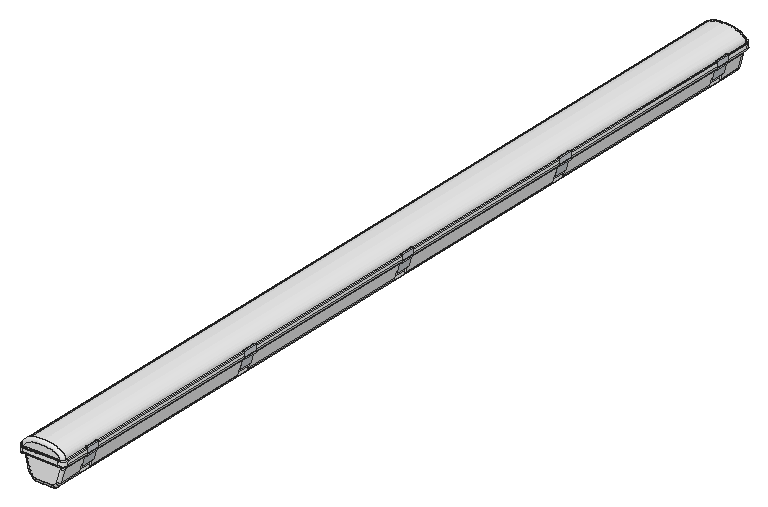
Revit family "0068042", category Lighting Fixtures, host Face, Revit 2017
Family settings
  Host = Face
  Round Connector Dimension = Use Diameter
  Part Type = Normal
  OmniClass Number = 23.80.70.11.14
  OmniClass Title = General Luminaries, Directional
  Cut with Voids When Loaded = No
  Light Source = Yes
  Shared = No
  Room Calculation Point = No
Parameters (values of type "0068042 ST WTRPRF S 1500 IP65 4000LM 840 SSC")
  Width = 84 mm
  Weight = "kg"
  Wattage Comments = "n/a"
  Wattage = 35 W
  WarrantyStartDate [instance] = "n/a"
  WarrantyGuarantorParts = "n/a"
  WarrantyDurationUnit = "n/a"
  WarrantyDurationParts = "n/a"
  WarrantyDescription = "n/a"
  built-in parameter 1150110 = 1 (stored number, unit not read)
  Voltage = 220 V
  URL = "http://www.sylvania-lighting.com"
  TypeName = "START Waterproof Single 1500 IP65 4000lm 840 SSC"
  Type Image = <None>
  Type Comments = "n/a"
  built-in parameter 1114217 = 1 (stored number, unit not read)
  Tilt Angle = -90.00°
  built-in parameter 1150109 = 1 (stored number, unit not read)
  built-in parameter 1150134 = 12
  built-in parameter 1150113 = 1 (stored number, unit not read)
  SerialNumber [instance] = "n/a"
  ReflectorMaterial = none
  PowerFactor = 0
  PowerConsumption = "35 W"
  Photometric Web File = "0068042.ies"
  NominalWidth = 0 mm
  NominalLength = 1578 mm
  NominalHeight = 75 mm
  Name = "START Waterproof Single 1500 IP65 4000lm 840 SSC"
  ModelReference = "START Waterproof Single 1500 IP65 4000lm 840 SSC"
  ModelNumber = "0068042"
  Model = "START Waterproof Single 1500 IP65 4000lm 840 SSC"
  Material = "pc polycarbonate housing, pc polycarbonate diffuser"
  ManufacturerName = "Feilo Sylvania"
  Manufacturer = "Feilo Sylvania"
  LuminousEfficacy = "114 lm/W"
  built-in parameter 1150105 = 317.51 (stored number, unit not read)
  Lumens = 3990 lm
  LuminaireType = ""
  built-in parameter 1150115 = 1 (stored number, unit not read)
  LightOutputRatio = "n/a"
  built-in parameter 1150137 = (empty or 0)
  built-in parameter 1150139 = (empty or 0)
  Length = 1572 mm
  LampsType = Lamp  # "LED"
  LampNominalLuminous = "4000 lm"
  LampMacAdamStep = "5"
  LampColourTemperature = "4000 K"
  LampColourRenderingIndex = "80"
  built-in parameter 1150112 = 1 (stored number, unit not read)
  built-in parameter 1150114 = 1 (stored number, unit not read)
  Lamp = "LED"
  Keynote = "16500"
  InstallationDate [instance] = "n/a"
  InputVoltage = "220-240 V AC"
  InputNominalFrequency = "50/60 Hz"
  built-in parameter 1150132 = (empty or 0)
  built-in parameter 1150102 = (empty or 0)
  built-in parameter 1150107 = 4000 (stored number, unit not read)
  built-in parameter 1150138 = (empty or 0)
  IngressProtection = "IP65"
  ImpactProtectionIndex = "IK08"
  built-in parameter 1150106 = 3.1751 (stored number, unit not read)
  IfcExportType = "IfcLightFixtureType"
  IfcExportAs = "IfcLightFixtureType"
  ExpectedLife = 50000
  Emit from Rectangle Width = Width - 20 mm  # 64 mm
  Emit from Rectangle Length = Length - 20 mm  # 1552 mm
  Emit Shape Visible in Rendering = no
  ElectricShockClassification = "Class I"
  built-in parameter 1150104 = 10.591 (stored number, unit not read)
  DurationUnit = "hours"
  DocumentationLiterature = "http://www.sylvania-lighting.com/product/en-int/products/0068042"
  DimmingControlOptions = "n/a"
  Dimming Lamp Color Temperature Shift = <None>
  DiffuserMaterial = Diffuser-Sylvania-Transparent
  Description = ""
  Default Elevation = 1219.2 mm
  CreatedOn = "7/30/2019"
  CreatedBy = "@sylvania-lighting.com"
  Cost = 0
  Color Filter = 16777215
  built-in parameter 1114216 [instance] = (empty or 0)
  ClassificationValue = "EF_70_80"
  ClassificationName = "Uniclass2015"
  BodyMaterial = Body-Sylvania-Gray
  BarCode [instance] = "n/a"
  built-in parameter 1114218 = 1 (stored number, unit not read)
  built-in parameter 1150133 = 10 (stored number, unit not read)
  AssetType = "Fixed"
  AssetIdentifier [instance] = "n/a"
  Assembly Code = "D5020200"
  Apparent Load = 35 VA
  AccessoryMaterial = Diffuser-Sylvania-Glow
Reference planes
  plane 1 "Center (Front/Back)": y = 0
  plane 2: z = 0
  plane 3 "Center (Left/Right)": x = 0
  plane 4: z = 54
  plane 5: x = -14.7
  plane 6: x = -21.8
  plane 7: x = -26.6
  plane 8: x = -29.2
  plane 9: z = 3
  plane 10: z = 7.8
  plane 11: z = 12.3
  plane 12: z = 36.6
  plane 13: z = 42.8
  plane 14: x = -38.1
  plane 15: z = 46.2
  plane 16: x = -42
  plane 17: y = 786
  plane 18: y = -786
  plane 19: x = 14.7
  plane 20: x = 21.8
  plane 21: x = 26.6
  plane 22: x = 29.2
  plane 23: x = 38.1
  plane 24: x = 42
  plane 25: y = 778.4
  plane 26: y = -778.4
  plane 27: y = -774.7
  plane 28: y = 774.7
  plane 29: z = 74
  plane 30: x = -38.5
  plane 31: x = 38.5
  plane 32: z = 55.2
  plane 33: y = -782.5
  plane 34: y = 782.5
  plane 35: x = -24.5
  plane 36: x = 24.5
  plane 37: x = -35.7
  plane 38: x = 35.7
  plane 39: z = 50.2
  plane 40: z = 24.6
  plane 41: y = -720
  plane 42: y = -734
  plane 43: y = -706
  plane 44: y = 720
  plane 45: y = -720
  plane 46: y = -734
  plane 47: y = -706
  plane 48: y = 720
  plane 49: y = 706
  plane 50: y = 734
  plane 51: y = -360
  plane 52: y = -374
  plane 53: y = -346
  plane 54: y = 0
  plane 55: y = -14
  plane 56: y = 14
  plane 57: y = 360
  plane 58: y = 346
  plane 59: y = 374
Forms (mm)
  Sweep 1, solid, material "Body-Sylvania-Gray" <- "BodyMaterial", detail levels medium+fine
    path origin (1223.4, -4572, 54) x (0, -1, 0) y (1, 0, 0)
      loop
        arc (-3796, -1265.4) -> (-3788.929, -1262.471) -> (-3786, -1255.4) r 10
        line (-3786, -1255.4) -> (-3786, -1191.4)
        arc (-3786, -1191.4) -> (-3788.929, -1184.329) -> (-3796, -1181.4) r 10
        line (-3796, -1181.4) -> (-5348, -1181.4)
        arc (-5348, -1181.4) -> (-5355.071, -1184.329) -> (-5358, -1191.4) r 10
        line (-5358, -1191.4) -> (-5358, -1255.4)
        arc (-5358, -1255.4) -> (-5355.071, -1262.471) -> (-5348, -1265.4) r 10
        line (-5348, -1265.4) -> (-3796, -1265.4)
    profile origin (-42, 0, 54) x (-1, 0, 0) y (0, 0, 1)
      loop
        line (0, 0) -> (-1, 0) -> (-1, -7.726)
        arc (-1, -7.726) -> (-1.994, -9.498) -> (-3.9, -10.2) r 2.937
        line (-3.9, -10.2) -> (-8.571, -10.2) -> (-8.571, -11.2) -> (-3.9, -11.2)
        arc (-3.9, -11.2) -> (-1.313, -10.231) -> (0, -7.8) r 3.937
        line (0, -7.8) -> (0, 0)
  Sweep 2, solid, material "Body-Sylvania-Gray" <- "BodyMaterial", detail levels medium+fine
    path origin (0, 0, 0) x (1, 0, 0) y (0, 0, 1)
      loop
        line (35.7, 42.8) -> (35.7, 36.6) -> (29.203, 12.31)
        arc (29.203, 12.31) -> (28.199, 9.884) -> (26.6, 7.8) r 10.052
        line (26.6, 7.8) -> (21.8, 3)
        arc (21.8, 3) -> (18.554, 0.781) -> (14.7, 0) r 9.902
        line (14.7, 0) -> (0, 0) -> (-14.7, 0)
        arc (-14.7, 0) -> (-18.554, 0.781) -> (-21.8, 3) r 9.902
        line (-21.8, 3) -> (-26.6, 7.8)
        arc (-26.6, 7.8) -> (-28.199, 9.884) -> (-29.203, 12.31) r 10.052
        line (-29.203, 12.31) -> (-35.7, 36.6) -> (-35.7, 42.8)
    profile origin (0, 0, 0) x (0, 0, -1) y (0, -1, 0)
      loop
        arc (0, 773.4) -> (-1.464, 776.936) -> (-5, 778.4) r 5
        line (-5, 778.4) -> (-7.8, 778.4) -> (-7.8, -778.4) -> (-5, -778.4)
        arc (-5, -778.4) -> (-1.464, -776.936) -> (0, -773.4) r 5
        line (0, -773.4) -> (0, 773.4)
  Extrusion 3, solid, material "Body-Sylvania-Gray" <- "BodyMaterial", detail levels medium+fine
    sketch origin (1524, 778.4, 1219.2) x (1, 0, 0) y (0, 0, 1)
      loop
        arc (-1545.668, -1204.874) -> (-1545.443, -1205.418) -> (-1545.085, -1205.885) r 2.252
        line (-1545.085, -1205.885) -> (-1540.231, -1210.738)
        arc (-1540.231, -1210.738) -> (-1539.534, -1211.227) -> (-1538.7, -1211.4) r 2.102
        line (-1538.7, -1211.4) -> (-1509.3, -1211.4)
        arc (-1509.3, -1211.4) -> (-1508.466, -1211.227) -> (-1507.769, -1210.738) r 2.102
        line (-1507.769, -1210.738) -> (-1502.915, -1205.885)
        arc (-1502.915, -1205.885) -> (-1502.557, -1205.418) -> (-1502.332, -1204.874) r 2.252
        line (-1502.332, -1204.874) -> (-1496.1, -1181.575) -> (-1496.1, -1176.4) -> (-1551.9, -1176.4) -> (-1551.9, -1181.575) -> (-1545.668, -1204.874)
    from 0 to 1556.8
  Sweep 4, solid, material "Diffuser-Sylvania-Transparent" <- "DiffuserMaterial", detail levels medium+fine
    path origin (0, 0, 0) x (1, 0, 0) y (0, 0, 1)
      loop
        spline (-38.5, 55.2) -> (-37.188, 60.066) -> (-33.342, 64.6) -> (-27.224, 68.494) -> (-19.25, 71.481) -> (-9.965, 73.359) -> (0, 74) -> (9.965, 73.359) -> (19.25, 71.481) -> (27.224, 68.494) -> (33.342, 64.6) -> (37.188, 60.066) -> (38.5, 55.2)
    profile origin (38.5, 0, 55.2) x (0, -1, 0) y (1, 0, 0)
      loop
        arc (782.5, -5.5) -> (780.889, -1.611) -> (777, 0) r 5.5
        line (777, 0) -> (-777, 0)
        arc (-777, 0) -> (-780.889, -1.611) -> (-782.5, -5.5) r 5.5
        line (-782.5, -5.5) -> (-782.5, -6.3) -> (-781.5, -6.3) -> (-781.5, -5.5)
        arc (-781.5, -5.5) -> (-780.182, -2.318) -> (-777, -1) r 4.5
        line (-777, -1) -> (777, -1)
        arc (777, -1) -> (780.182, -2.318) -> (781.5, -5.5) r 4.5
        line (781.5, -5.5) -> (781.5, -6.347) -> (782.5, -6.347) -> (782.5, -5.5)
  Extrusion 5, solid, material "Diffuser-Sylvania-Transparent" <- "DiffuserMaterial", detail levels medium+fine
    sketch origin (1524, -782.5, 1219.2) x (1, 0, 0) y (0, 0, 1)
      loop
        line (-1556.653, -1164) -> (-1491.347, -1164)
        spline (-1491.347, -1164) -> (-1491.939, -1161.945) -> (-1494.434, -1159.066) -> (-1499.342, -1155.96) -> (-1506.338, -1153.35) -> (-1514.799, -1151.648) -> (-1524, -1151.047) -> (-1533.201, -1151.648) -> (-1541.662, -1153.35) -> (-1548.658, -1155.96) -> (-1553.566, -1159.066) -> (-1556.061, -1161.945) -> (-1556.653, -1164)
    from 0 to -1
  Extrusion 6, solid, material "Diffuser-Sylvania-Transparent" <- "DiffuserMaterial", detail levels medium+fine
    sketch origin (1524, 782.5, 1219.2) x (1, 0, 0) y (0, 0, 1)
      loop
        spline (-1491.3, -1164) -> (-1491.898, -1161.922) -> (-1494.404, -1159.03) -> (-1499.322, -1155.918) -> (-1506.325, -1153.305) -> (-1514.793, -1151.602) -> (-1524, -1151) -> (-1533.207, -1151.602) -> (-1541.675, -1153.305) -> (-1548.678, -1155.918) -> (-1553.596, -1159.03) -> (-1556.102, -1161.922) -> (-1556.7, -1164)
        line (-1556.7, -1164) -> (-1491.3, -1164)
    from 0 to 1
  Extrusion 7, solid, material "Diffuser-Sylvania-Glow" <- "AccessoryMaterial", detail levels fine
    sketch origin (0, 0, 0) x (1, 0, 0) y (0, 0, 1)
      loop
        circle (0, 50.2) r 8
    from -774.7 to 774.7
  Extrusion 8, void
    sketch origin (0, -720, 2343.807) x (0, 0, -1) y (-1, 0, 0)
      loop
        line (2340.807, -24.5) -> (2331.507, -24.5) -> (2319.207, -29.2) -> (2319.207, -35.7) -> (2340.807, -35.7) -> (2340.807, -24.5)
      loop
        line (2340.807, 24.5) -> (2340.807, 35.7) -> (2319.207, 35.7) -> (2319.207, 29.2) -> (2331.507, 24.5) -> (2340.807, 24.5)
    from 14 to -14
  Extrusion 9, void, not visible
    sketch origin (0, -720, 2343.807) x (0, 0, -1) y (-1, 0, 0)
      loop
        line (2340.807, -24.5) -> (2331.507, -24.5) -> (2319.207, -29.2) -> (2319.207, -35.7) -> (2340.807, -35.7) -> (2340.807, -24.5)
      loop
        line (2340.807, 24.5) -> (2340.807, 35.7) -> (2319.207, 35.7) -> (2319.207, 29.2) -> (2331.507, 24.5) -> (2340.807, 24.5)
    from 14 to -14
  Extrusion 10, void
    sketch origin (0, 720, 2343.807) x (0, 0, -1) y (-1, 0, 0)
      loop
        line (2340.807, -24.5) -> (2331.507, -24.5) -> (2319.207, -29.2) -> (2319.207, -35.7) -> (2340.807, -35.7) -> (2340.807, -24.5)
      loop
        line (2340.807, 24.5) -> (2340.807, 35.7) -> (2319.207, 35.7) -> (2319.207, 29.2) -> (2331.507, 24.5) -> (2340.807, 24.5)
    from 14 to -14
  Extrusion 11, void
    sketch origin (0, -360, 2343.807) x (0, 0, -1) y (-1, 0, 0)
      loop
        line (2340.807, -24.5) -> (2331.507, -24.5) -> (2319.207, -29.2) -> (2319.207, -35.7) -> (2340.807, -35.7) -> (2340.807, -24.5)
      loop
        line (2340.807, 24.5) -> (2340.807, 35.7) -> (2319.207, 35.7) -> (2319.207, 29.2) -> (2331.507, 24.5) -> (2340.807, 24.5)
    from 14 to -14
  Extrusion 12, void
    sketch origin (0, 0, 2343.807) x (0, 0, -1) y (-1, 0, 0)
      loop
        line (2340.807, -24.5) -> (2331.507, -24.5) -> (2319.207, -29.2) -> (2319.207, -35.7) -> (2340.807, -35.7) -> (2340.807, -24.5)
      loop
        line (2340.807, 24.5) -> (2340.807, 35.7) -> (2319.207, 35.7) -> (2319.207, 29.2) -> (2331.507, 24.5) -> (2340.807, 24.5)
    from 14 to -14
  Extrusion 13, void
    sketch origin (0, 360, 2343.807) x (0, 0, -1) y (-1, 0, 0)
      loop
        line (2340.807, -24.5) -> (2331.507, -24.5) -> (2319.207, -29.2) -> (2319.207, -35.7) -> (2340.807, -35.7) -> (2340.807, -24.5)
      loop
        line (2340.807, 24.5) -> (2340.807, 35.7) -> (2319.207, 35.7) -> (2319.207, 29.2) -> (2331.507, 24.5) -> (2340.807, 24.5)
    from 14 to -14
  Extrusion 14, solid, material "Diffuser-Sylvania-Transparent" <- "DiffuserMaterial", detail levels medium+fine
    sketch origin (1223.4, -4572, 54) x (0, -1, 0) y (-1, 0, 0)
      loop
        arc (-5348, 1265.4) -> (-5355.071, 1262.471) -> (-5358, 1255.4) r 10
        line (-5358, 1255.4) -> (-5358, 1191.4)
        arc (-5358, 1191.4) -> (-5355.071, 1184.329) -> (-5348, 1181.4) r 10
        line (-5348, 1181.4) -> (-3796, 1181.4)
        arc (-3796, 1181.4) -> (-3788.929, 1184.329) -> (-3786, 1191.4) r 10
        line (-3786, 1191.4) -> (-3786, 1255.4)
        arc (-3786, 1255.4) -> (-3788.929, 1262.471) -> (-3796, 1265.4) r 10
        line (-3796, 1265.4) -> (-5348, 1265.4)
      loop
        arc (-5354.5, 1190.394) -> (-5352.887, 1186.509) -> (-5349, 1184.9) r 5.5
        line (-5349, 1184.9) -> (-3795, 1184.9)
        arc (-3795, 1184.9) -> (-3791.113, 1186.509) -> (-3789.5, 1190.394) r 5.5
        line (-3789.5, 1190.394) -> (-3789.5, 1256.406)
        arc (-3789.5, 1256.406) -> (-3791.113, 1260.291) -> (-3795, 1261.9) r 5.5
        line (-3795, 1261.9) -> (-5349, 1261.9)
        arc (-5349, 1261.9) -> (-5352.887, 1260.291) -> (-5354.5, 1256.406) r 5.5
        line (-5354.5, 1256.406) -> (-5354.5, 1190.394)
    from 0 to -1.2
  Extrusion 15, solid, material "Body-Sylvania-Gray" <- "BodyMaterial", detail levels coarse
    sketch origin (0, 0, 0) x (1, 0, 0) y (0, 0, 1)
      loop
        line (-42, 55.2) -> (-42, 42.8) -> (-26.6, 0) -> (26.6, 0) -> (42, 42.8) -> (42, 55.2) -> (-42, 55.2)
    from -786 to 786
  Extrusion 16, solid, material "Diffuser-Sylvania-Transparent" <- "DiffuserMaterial", detail levels coarse
    sketch origin (0, 0, 0) x (1, 0, 0) y (0, 0, 1)
      loop
        line (-38.5, 55.2) -> (38.5, 55.2)
        arc (38.5, 55.2) -> (0, 74) -> (-38.5, 55.2) r 48.822
    from -778.4 to 778.4
Cuts and joins
  Extrusion 8, Extrusion 10, Extrusion 11, Extrusion 12, Extrusion 13 cuts Sweep 2
  Extrusion 8, Extrusion 10, Extrusion 11, Extrusion 12, Extrusion 13 cuts Extrusion 3
  joined: Sweep 2, Extrusion 3
  joined: Sweep 4, Extrusion 5, Extrusion 6, Extrusion 14
Dimensions and locks
  locked: plane 4 to plane 2 at 54
  plane 5 to plane 6 to plane 7 to plane 8 to plane 14 to plane 16 = 7.1 mm locked, 4.8 mm locked, 2.6 mm locked, 8.9 mm locked, 3.9 mm locked
  plane 4 to plane 15 to plane 13 to plane 12 to plane 11 to plane 10 to plane 9 = 7.8 mm locked, 3.4 mm, 6.2 mm locked, 24.3 mm locked, 4.5 mm locked, 4.8 mm locked
  equal spacing: plane 18, plane 1 "Center (Front/Back)", plane 17
  "Length": plane 18 to plane 17
  plane 19 to plane 20 to plane 21 to plane 22 to plane 23 to plane 24 = 7.1 mm locked, 4.8 mm locked, 2.6 mm locked, 8.9 mm, 3.9 mm
  equal spacing: plane 24, plane 3 "Center (Left/Right)", plane 16
  "Width": plane 24 to plane 16
  equal spacing: plane 27, plane 1 "Center (Front/Back)", plane 28
  locked: plane 26 to plane 27 at 3.7
  locked: Sweep 1 sketch curve to profile plane at 1
  locked: Sweep 1 sketch curve to plane 13 at 1
  locked: Sweep 1 sketch curve to plane 13 at 3.937  (x2)
  locked: Sweep 1 sketch curve to profile plane at 3.9  (x2)
  plane 29 to plane 4 = 20 mm
  equal spacing: plane 31, plane 3 "Center (Left/Right)", plane 30
  locked: plane 30 to plane 16 at 3.5
  locked: plane 32 to plane 4 at 1.2
  equal spacing: plane 33, plane 1 "Center (Front/Back)", plane 34
  equal spacing: plane 36, plane 3 "Center (Left/Right)", plane 35
  locked: plane 34 to plane 17 at 3.5
  equal spacing: plane 38, plane 3 "Center (Left/Right)", plane 37
  locked: plane 37 to plane 16 at 6.3
  equal spacing: plane 25, plane 1 "Center (Front/Back)", plane 26
  locked: plane 17 to plane 25 at 7.6
  locked: Sweep 2 sketch curve to plane 2 at 5  (x2)
  locked: Sweep 2 sketch curve to plane 26 at 5
  locked: plane 25 to Sweep 2 sketch curve at 5
  locked: Sweep 4 sketch curve to plane 31 at 5.5  (x2)
  locked: Sweep 4 sketch curve to plane 34 at 5.5
  plane 33 to Sweep 4 sketch curve = 5.5 mm
  locked: plane 34 to Sweep 4 sketch curve at 1
  locked: Sweep 4 sketch curve to plane 31 at 1
  locked: Sweep 4 sketch curve to Sweep 4 sketch curve at 1
  locked: Sweep 4 sketch curve to plane 31 at 6.347
  locked: Sweep 4 sketch curve to plane 31 at 6.3
  locked: plane 40 to plane 2 at 24.6
  locked: plane 6 to plane 35 at 2.7
  locked: plane 1 "Center (Front/Back)" to plane 41 at 720
  plane 43 to plane 41 to plane 42 = 14 mm locked, 14 mm locked
  locked: plane 44 to plane 1 "Center (Front/Back)" at 720
  plane 47 to plane 45 to plane 46 = 14 mm locked, 14 mm locked
  plane 50 to plane 48 to plane 49 = 14 mm locked, 14 mm locked  (x2)
  equal spacing: group 1, group 6, group 7, group 8, group 5  (x3)
  plane 53 to plane 51 to plane 52 = 14 mm locked, 14 mm locked  (x2)
  plane 56 to plane 54 to plane 55 = 14 mm locked, 14 mm locked  (x2)
  plane 59 to plane 57 to plane 58 = 14 mm locked, 14 mm locked  (x2)
  plane 48 to plane 57 to plane 1 "Center (Front/Back)" to plane 51 to plane 41 = 360 mm locked, 360 mm locked, 360 mm locked, 360 mm locked
  aligned and locked: plane 2 to host face
  aligned and locked: level to host face
  aligned and locked: plane 16 to Sweep 1 sketch curve
  aligned and locked: Sweep 1 sketch curve to plane 24
  aligned and locked: plane 18 to Sweep 1 sketch curve
  aligned and locked: Sweep 1 sketch curve to plane 13
  aligned and locked: profile plane to Sweep 1 sketch curve
  aligned and locked: plane 3 "Center (Left/Right)" to Sweep 2 sketch curve
  aligned and locked: plane 9 to Sweep 2 sketch curve
  aligned and locked: plane 10 to Sweep 2 sketch curve
  aligned and locked: plane 37 to Sweep 2 sketch curve
  aligned and locked: plane 12 to Sweep 2 sketch curve
  aligned and locked: Sweep 2 sketch curve to level
  aligned and locked: plane 21 to Sweep 2 sketch curve
  aligned and locked: plane 38 to Sweep 2 sketch curve
  aligned and locked: profile plane to Sweep 2 sketch curve
  aligned and locked: plane 25 to Sweep 2 sketch curve
  aligned and locked: Sweep 2 sketch curve to plane 10
  aligned and locked: Extrusion 3 sketch curve to Sweep 2  (x7)
  aligned and locked: Sweep 2 to Extrusion 3 sketch curve
  aligned and locked: Extrusion 3 to plane 25
  aligned and locked: plane 26 to Extrusion 3
  aligned and locked: plane 32 to Sweep 4 sketch curve
  aligned and locked: plane 33 to Sweep 4 sketch curve
  aligned and locked: Sweep 4 to Extrusion 5
  aligned and locked: plane 33 to Extrusion 5
  aligned and locked: plane 39 to Extrusion 7 sketch curve
  aligned and locked: plane 27 to Extrusion 7
  aligned and locked: Extrusion 7 to plane 28
  aligned and locked: Extrusion 6 sketch curve to Sweep 4
  aligned and locked: Extrusion 5 sketch curve to Sweep 4
  aligned and locked: Extrusion 8 to plane 43
  aligned and locked: plane 42 to Extrusion 8
  aligned and locked: Extrusion 10 to plane 50
  aligned and locked: plane 49 to Extrusion 10
  aligned and locked: Extrusion 11 to plane 53
  aligned and locked: plane 52 to Extrusion 11
  aligned and locked: Extrusion 12 to plane 56
  aligned and locked: plane 55 to Extrusion 12
  aligned and locked: Extrusion 13 to plane 59
  aligned and locked: plane 58 to Extrusion 13
  aligned and locked: plane 3 "Center (Left/Right)" to Extrusion 7 sketch curve
  aligned and locked: Extrusion 14 sketch curve to Sweep 1  (x4)
  aligned and locked: Extrusion 14 to plane 32
  aligned and locked: plane 4 to Extrusion 14
  aligned and locked: plane 48 to nested 1
  aligned and locked: plane 57 to nested 2
  aligned and locked: plane 54 to nested 3
  aligned and locked: nested 4 to plane 51
  aligned and locked: nested 5 to plane 41
  aligned and locked: plane 41 to nested 10
  aligned and locked: plane 51 to nested 9
  aligned and locked: plane 54 to nested 8
  aligned and locked: plane 57 to nested 7
  aligned and locked: plane 48 to nested 6
  aligned and locked: plane 1 "Center (Front/Back)" to imposter light
  aligned and locked: plane 3 "Center (Left/Right)" to imposter light
  aligned and locked: imposter light to plane 29
  aligned and locked: plane 7 to Extrusion 15 sketch curve
  aligned and locked: plane 2 to Extrusion 15 sketch curve
  aligned and locked: Extrusion 15 sketch curve to nested 6
  aligned and locked: Extrusion 15 sketch curve to nested 1
  aligned and locked: plane 18 to Extrusion 15
  aligned and locked: Extrusion 15 to plane 17
  aligned and locked: Extrusion 15 to Sweep 1  (x2)
  aligned and locked: plane 30 to Extrusion 16 sketch curve
  aligned and locked: plane 31 to Extrusion 16 sketch curve
  aligned and locked: Extrusion 16 sketch curve to cut or joined group of Sweep 4, Extrusion 5, Extrusion 6, Extrusion 14
  aligned and locked: Extrusion 16 to plane 25
  aligned and locked: plane 26 to Extrusion 16
Automatic sketch dimensions
  host sketch curve to host sketch curve = 2438.4 mm  (x2)
  plane 17 to Sweep 1 sketch curve = 0 mm
  Sweep 1 sketch curve to plane 28 = 1.3 mm
  Sweep 1 sketch curve to plane 7 = 5.4 mm
  plane 27 to Sweep 1 sketch curve = 1.3 mm  (x2)
  Sweep 1 sketch curve to Sweep 1 sketch curve = 4.671 mm
  Sweep 1 sketch curve to plane 4 = 0 mm
  Sweep 2 sketch curve to plane 7 = 0 mm
  Sweep 2 sketch curve to plane 6 = 0 mm
  Sweep 2 sketch curve to plane 5 = 0 mm
  plane 19 to Sweep 2 sketch curve = 0 mm
  Sweep 2 sketch curve to plane 9 = 0 mm
  plane 20 to Sweep 2 sketch curve = 0 mm
  Sweep 2 sketch curve to plane 12 = 0 mm
  Sweep 2 sketch curve to plane 10 = 0 mm
  Sweep 2 sketch curve to plane 13 = 0 mm  (x2)
  Sweep 2 sketch curve to plane 8 = 0.003 mm
  plane 6 to Sweep 2 sketch curve = 2.308 mm
  plane 20 to Sweep 2 sketch curve = 2.308 mm
  Sweep 2 sketch curve to plane 22 = 0.003 mm
  Sweep 2 sketch curve to plane 11 = 0.01 mm  (x2)
  Extrusion 3 sketch curve to plane 5 = 0 mm
  plane 19 to Extrusion 3 sketch curve = 0 mm
  plane 6 to Extrusion 3 sketch curve = 0.132 mm
  plane 6 to Extrusion 3 sketch curve = 0.715 mm
  Extrusion 3 sketch curve to Extrusion 3 sketch curve = 1.592 mm
  Extrusion 3 sketch curve to plane 10 = 0.662 mm  (x2)
  plane 20 to Extrusion 3 sketch curve = 2.308 mm
  plane 20 to Extrusion 3 sketch curve = 0.715 mm
  plane 20 to Extrusion 3 sketch curve = 0.132 mm
  Sweep 4 sketch curve to plane 30 = 0 mm
  Sweep 4 sketch curve to plane 3 "Center (Left/Right)" = 0 mm
  Sweep 4 sketch curve to Sweep 4 sketch curve = 0 mm  (x2)
  plane 37 to Extrusion 6 sketch curve = 3 mm
  Extrusion 6 sketch curve to plane 38 = 3 mm
  plane 37 to Extrusion 5 sketch curve = 3.047 mm
  Extrusion 5 sketch curve to plane 38 = 3.047 mm
  Extrusion 8 sketch curve to Extrusion 8 sketch curve = 0 mm
  Extrusion 8 sketch curve to Extrusion 8 sketch curve = 12.3 mm  (x2)
  Extrusion 8 sketch curve to Extrusion 8 sketch curve = 9.3 mm  (x2)
  Extrusion 8 sketch curve to Extrusion 8 sketch curve = 6.5 mm  (x2)
  Extrusion 8 sketch curve to Extrusion 8 sketch curve = 4.7 mm  (x2)
  Extrusion 8 sketch curve to Extrusion 8 sketch curve = 49 mm
  Extrusion 9 sketch curve to Extrusion 9 sketch curve = 0 mm
  Extrusion 9 sketch curve to Extrusion 9 sketch curve = 12.3 mm  (x2)
  Extrusion 9 sketch curve to Extrusion 9 sketch curve = 9.3 mm  (x2)
  Extrusion 9 sketch curve to Extrusion 9 sketch curve = 6.5 mm  (x2)
  Extrusion 9 sketch curve to Extrusion 9 sketch curve = 4.7 mm  (x2)
  Extrusion 9 sketch curve to Extrusion 9 sketch curve = 49 mm
  Extrusion 10 sketch curve to Extrusion 10 sketch curve = 0 mm
  Extrusion 10 sketch curve to Extrusion 10 sketch curve = 12.3 mm  (x2)
  Extrusion 10 sketch curve to Extrusion 10 sketch curve = 9.3 mm  (x2)
  Extrusion 10 sketch curve to Extrusion 10 sketch curve = 6.5 mm  (x2)
  Extrusion 10 sketch curve to Extrusion 10 sketch curve = 4.7 mm  (x2)
  Extrusion 10 sketch curve to Extrusion 10 sketch curve = 49 mm
  Extrusion 11 sketch curve to Extrusion 11 sketch curve = 0 mm
  Extrusion 11 sketch curve to Extrusion 11 sketch curve = 12.3 mm  (x2)
  Extrusion 11 sketch curve to Extrusion 11 sketch curve = 9.3 mm  (x2)
  Extrusion 11 sketch curve to Extrusion 11 sketch curve = 6.5 mm  (x2)
  Extrusion 11 sketch curve to Extrusion 11 sketch curve = 4.7 mm  (x2)
  Extrusion 11 sketch curve to Extrusion 11 sketch curve = 49 mm
  Extrusion 12 sketch curve to Extrusion 12 sketch curve = 0 mm
  Extrusion 12 sketch curve to Extrusion 12 sketch curve = 12.3 mm  (x2)
  Extrusion 12 sketch curve to Extrusion 12 sketch curve = 9.3 mm  (x2)
  Extrusion 12 sketch curve to Extrusion 12 sketch curve = 6.5 mm  (x2)
  Extrusion 12 sketch curve to Extrusion 12 sketch curve = 4.7 mm  (x2)
  Extrusion 12 sketch curve to Extrusion 12 sketch curve = 49 mm
  Extrusion 13 sketch curve to Extrusion 13 sketch curve = 0 mm
  Extrusion 13 sketch curve to Extrusion 13 sketch curve = 12.3 mm  (x2)
  Extrusion 13 sketch curve to Extrusion 13 sketch curve = 9.3 mm  (x2)
  Extrusion 13 sketch curve to Extrusion 13 sketch curve = 6.5 mm  (x2)
  Extrusion 13 sketch curve to Extrusion 13 sketch curve = 4.7 mm  (x2)
  Extrusion 13 sketch curve to Extrusion 13 sketch curve = 49 mm
  Extrusion 14 sketch curve to plane 34 = 0 mm
  plane 30 to Extrusion 14 sketch curve = 0 mm
  Extrusion 14 sketch curve to plane 31 = 0 mm
  plane 33 to Extrusion 14 sketch curve = 0 mm
  plane 25 to Extrusion 14 sketch curve = 1.4 mm  (x4)
  Extrusion 14 sketch curve to plane 26 = 1.4 mm  (x4)
  plane 37 to Extrusion 14 sketch curve = 2.694 mm  (x2)
  Extrusion 14 sketch curve to plane 38 = 2.694 mm  (x2)
  plane 21 to Extrusion 15 sketch curve = 0 mm
  Extrusion 15 sketch curve to plane 13 = 0 mm  (x2)
  Extrusion 15 sketch curve to plane 32 = 0 mm
  Extrusion 16 sketch curve to plane 40 = 0.578 mm
  radius of Extrusion 7 sketch curve = 8 mm
Nested families
  nested 1: "Clip" at (-29.2, 720, 24.6) x (-1, 0, 0) z (0, 0, 1), type "Clip", detail levels fine
  nested 2: "Clip" at (-29.2, 360, 24.6) x (-1, 0, 0) z (0, 0, 1), type "Clip", detail levels fine
  nested 3: "Clip" at (-29.2, 0, 24.6) x (-1, 0, 0) z (0, 0, 1), type "Clip", detail levels fine
  nested 4: "Clip" at (-29.2, -360, 24.6) x (-1, 0, 0) z (0, 0, 1), type "Clip", detail levels fine
  nested 5: "Clip" at (-29.2, -720, 24.6) x (-1, 0, 0) z (0, 0, 1), type "Clip", detail levels fine
  nested 6: "Clip" at (29.2, 720, 24.6), type "Clip", detail levels fine
  nested 7: "Clip" at (29.2, 360, 24.6), type "Clip", detail levels fine
  nested 8: "Clip" at (29.2, 0, 24.6), type "Clip", detail levels fine
  nested 9: "Clip" at (29.2, -360, 24.6), type "Clip", detail levels fine
  nested 10: "Clip" at (29.2, -720, 24.6), type "Clip", detail levels fine
Connectors
  electrical at (0, 0, 0), driven by "Apparent Load"
    settings: index 1, voltage 230 V, apparent load 35 VA, apparent load phase1 0 VA, apparent load phase2 0 VA, apparent load phase3 0 VA, power factor 0, load classification "Lighting", number of poles 1, system type 30, power factor state 1, is connector primary yes, connector utility no, sub classification motor no, connector description ""
Definition of nested family "Clip"
  Parameters (values of type "Clip")
    URL = "http://www.feilosylvania.com"
    Type Comments = "n/a"
    Model = "n/a"
    Manufacturer = "Feilo Sylvania"
    Keynote = "n/a"
    Description = "n/a"
    Default Elevation = 1219.2 mm
    Cost = 0
    BodyMaterial = none
    Assembly Code = "n/a"
  Reference planes
    plane 1 "Center (Front/Back)": y = 0
    plane 2: z = 0
    plane 3 "Center (Left/Right)": x = 0
    plane 4: x = 3.3
    plane 5: x = 6.5
    plane 6: x = 8.9
    plane 7: x = 12.8
    plane 8: z = 12
    plane 9: z = 18.2
    plane 10: z = 21.6
    plane 11: z = 30.6
    plane 12: x = 9.3
    plane 13: z = 19.2
    plane 14: z = 16.2
    plane 15: x = 10.1
    plane 16: y = 12
    plane 17: y = -12
  Forms (mm)
    Extrusion 1, solid
      sketch origin (-0.8, 0, 0) x (1, 0, 0) y (0, 1, 0)
        loop
          line (-1219.2, 1219.2) -> (-1219.2, -1219.2) -> (1219.2, -1219.2) -> (1219.2, 1219.2) -> (-1219.2, 1219.2)
      from 0 to -304.8
    Extrusion 2, solid
      sketch origin (0, 0, 0) x (1, 0, 0) y (0, 0, 1)
        loop
          line (8.9, 16.2) -> (4.58, 0) -> (0, 0) -> (0, -0.8) -> (5.195, -0.8) -> (9.603, 15.731) -> (13.6, 18.806) -> (13.6, 30.6)
          arc (13.6, 30.6) -> (11.45, 32.75) -> (9.3, 30.6) r 2.15
          line (9.3, 30.6) -> (10.1, 30.6)
          arc (10.1, 30.6) -> (11.45, 31.95) -> (12.8, 30.6) r 1.35
          line (12.8, 30.6) -> (12.8, 19.2) -> (8.9, 16.2)
      from -12 to 12
  Lines and regions (mm)
    reference lines
      curve 1: line (3.3, 0, 0) -> (6.5, 0, 12)
      curve 2: arc (8.9, 0, 18.2) -> (11.488, 0, 19.169) -> (12.8, 0, 21.6) r 3.934
  Dimensions and locks
    plane 7 to plane 6 to plane 5 to plane 4 to plane 3 "Center (Left/Right)" = 3.9 mm locked, 2.4 mm locked, 3.2 mm locked, 3.3 mm locked
    plane 11 to plane 10 to plane 9 to plane 8 to plane 2 = 9 mm locked, 3.4 mm locked, 6.2 mm locked, 12 mm locked
    locked: plane 7 to plane 12 at 3.5
    locked: plane 13 to plane 9 at 1
    locked: plane 9 to plane 14 at 2
    locked: plane 15 to plane 12 at 0.8
    locked: plane 2 to Extrusion 2 sketch curve at 0.8
    locked: Extrusion 2 sketch curve to Extrusion 2 sketch curve at 0.8  (x3)
    locked: plane 7 to Extrusion 2 sketch curve at 1.35
    equal spacing: plane 17, plane 1 "Center (Front/Back)", plane 16
    locked: plane 1 "Center (Front/Back)" to plane 16 at 12
    aligned and locked: plane 2 to Extrusion 1
    aligned and locked: level to Extrusion 1
    aligned and locked: plane 4 to curve 1
    aligned and locked: plane 5 to curve 1
    aligned and locked: plane 6 to curve 2
    aligned and locked: plane 10 to curve 2
    aligned and locked: plane 14 to Extrusion 2 sketch curve
    aligned and locked: plane 13 to Extrusion 2 sketch curve
    aligned and locked: plane 7 to Extrusion 2 sketch curve
    aligned and locked: plane 3 "Center (Left/Right)" to Extrusion 2 sketch curve
    aligned and locked: Extrusion 2 sketch curve to level
    aligned and locked: Extrusion 2 sketch curve to plane 11
    aligned and locked: plane 11 to Extrusion 2 sketch curve
    aligned and locked: Extrusion 2 to plane 16
    aligned and locked: plane 17 to Extrusion 2
  Automatic sketch dimensions
    Extrusion 1 sketch curve to Extrusion 1 sketch curve = 2438.4 mm  (x2)
    curve 2 to plane 7 = 0 mm
    curve 1 to level = 0 mm
    curve 1 to plane 8 = 0 mm
    curve 2 to plane 9 = 0 mm
    plane 6 to curve 2 = 0.002 mm
    Extrusion 2 sketch curve to Extrusion 2 sketch curve = 0 mm
    Extrusion 2 sketch curve to plane 6 = 0 mm
    plane 4 to Extrusion 2 sketch curve = 1.28 mm
